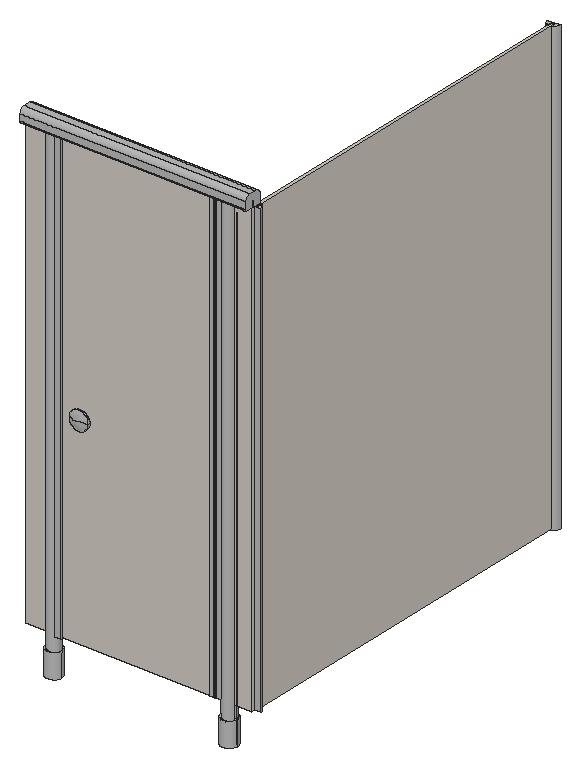
Revit family "NBS_ConceptCubicleSystems_PnlCbclSym_OlympusFullyFramed", category Specialty Equipment, Revit 2019
Family settings
  Round Connector Dimension = Use Diameter
  Part Type = Normal
  Work Plane-Based = No
  Always vertical = Yes
  Cut with Voids When Loaded = No
  Shared = No
  Room Calculation Point = No
Parameters (values of type "MiddleCubicle")
  WarrantyStartDate [instance] = "1900-12-31T23:59:59"
  WarrantyGuarantorParts = "n/a"
  WarrantyGuarantorLabor = "n/a"
  WarrantyDurationUnit = "year"
  WarrantyDurationParts = "n/a"
  WarrantyDurationLabor = "n/a"
  WarrantyDescription = "n/a"
  Version = "3"  # constant formula
  Uniclass2015Version = "Systems v1.17"
  Uniclass2015Title = "Panel cubicle systems"
  Uniclass2015Code = "Ss_25_12_60_60"
  TagNumber [instance] = "n/a"
  SystemManufacturer = "Concept Cubicle Systems"
  SustainabilityPerformance = "n/a"
  Style = "Cubicle"
  Status = "UNSET"
  Size = "1500 x 2000 mm"
  ShowCubicleLocationLines [instance] = yes
  Shape = "n/a"
  SerialNumber [instance] = "n/a"
  RightOpenOut [instance] = and(OpenOut, ReversedDoorSwing)  # no
  RightOpenIn [instance] = and(OpenIn, ReversedDoorSwing)  # yes
  Revision = "n/a"
  ReverseDoorSwing [instance] = no
  ReplacementCost = "n/a"
  Reference = "n/a"
  RailOffsetRight = if(HasCornerRight, 25 mm, 0 mm)  # 0 mm
  RailOffsetLeft = if(HasCornerLeft, 25 mm, 0 mm)  # 0 mm
  ProductInformation = "https://www.conceptcubiclesystems.co.uk/leisure/cubicles/olympus-framed-cubicles"
  PilasterWidthLatchSide [instance] = CubicleWidth - ClearOpeningWidth - PilasterWidthHingeSide  # 150 mm
  PilasterToDoorRight [instance] = if(ReverseDoorSwing, 58 mm, 70.5 mm)  # 70.5 mm
  PilasterToDoorLeft [instance] = if(ReversedDoorSwing, 58 mm, 70.5 mm)  # 58 mm
  PilasterRightWidth [instance] = if(HasDoorCentrePosition, (CubicleWidth - ClearOpeningWidth) / 2, if(ReversedDoorSwing, PilasterWidthHingeSide, PilasterWidthLatchSide))  # 150 mm
  PilasterPanelReturnRight = if(HasCornerRight, 15 mm, if(HasFittingsRight, 3 mm, 0 mm))  # 0 mm
  PilasterPanelReturnLeft = if(HasCornerLeft, 15 mm, if(HasFittingsLeft, 3 mm, 0 mm))  # 0 mm
  PilasterMaterial = NBS_ConceptCubicleSystems_B116_BeigeNature-Beige
  PilasterLeftWidth [instance] = if(HasDoorCentrePosition, (CubicleWidth - ClearOpeningWidth) / 2, if(ReverseDoorSwing, PilasterWidthHingeSide, PilasterWidthLatchSide))  # 150 mm
  PartitionToPilasterRight = if(HasCornerRight, 15 mm, PanelThickness / 2 + 3 mm)  # 9.25 mm
  PartitionToPilasterLeft = if(HasCornerLeft, 15 mm, PanelThickness / 2 + 3 mm)  # 9.25 mm
  PartitionToPilasterFittingRight = or(IsWallEndFirstCubicle, IsFirstCubicle, IsMiddleCubicle)  # yes
  PartitionMaterial = NBS_ConceptCubicleSystems_B116_BeigeNature-Beige
  PartitionUndercut [instance] = 150 mm
  Panels = "12 mm compact grade laminate"
  PanelThickness = 12.5 mm  # constant formula
  PilasterUndercut [instance] = 150 mm
  PanelSupports = "150 mm"
  OpenOut [instance] = not(OpenIn)  # no
  OpenIn [instance] = yes
  NominalWidth [instance] = CubicleWidth  # 900 mm
  NominalLength [instance] = CubicleWidth  # 900 mm
  NominalHeight [instance] = CubicleHeight  # 2000 mm
  NominalDepth [instance] = CubicleDepth  # 1500 mm
  Name = "PanelCubicleSystem_OlympusFullyFramed_MiddleCubicle_ConceptCubicleSystems"
  NBSReference = "25-05-60/160"
  NBSDescription = "Panel cubicle system"
  NBSCertification = "www.nationalbimlibrary.com/cert/4hurcstt"
  ModelReference = "Olympus Fully Framed Cubicles"
  ModelNumber = "n/a"
  Material = "Compact Grade Laminate"
  ManufacturerURL = "www.conceptcubiclesystems.co.uk"
  ManufacturerName = "Concept Cubicle Systems"  # constant formula
  Manufacturer = "sales@conceptcubiclesystems.co.uk"
  MainColor = "n/a"
  LeftOpenOut [instance] = and(OpenOut, ReverseDoorSwing)  # no
  LeftOpenIn [instance] = and(OpenIn, ReverseDoorSwing)  # no
  ReversedDoorSwing [instance] = not(ReverseDoorSwing)  # yes
  IsWallEndSingleCubicle = no
  IsWallEndFirstCubicle = no
  IsWallEndEndCubicle = no
  IsSingleCubicle = no
  IsWallToWallSingleCubicle = no
  PilasterWidthHingeSide [instance] = 150 mm
  IsMiddleCubicle = yes
  IsFirstCubicle = no
  IsEndCubicle = no
  IsBuiltIn = yes
  InstallationDate [instance] = "1900-12-31T23:59:59"
  IfcExportType = "USERDEFINED"  # constant formula
  IfcExportAs = "IfcFurnitureType"  # constant formula
  HasPartitionRight = not(or(IsWallToWallSingleCubicle, IsWallEndEndCubicle))  # yes
  HasPartitionLeft = or(IsSingleCubicle, IsFirstCubicle)  # no
  HasFittingsRight = or(IsWallToWallSingleCubicle, IsWallEndEndCubicle)  # no
  HasFittingsLeft = or(IsWallToWallSingleCubicle, IsWallEndSingleCubicle, IsWallEndFirstCubicle)  # no
  HasDoorCentrePosition [instance] = yes
  HasCornerRight = or(IsSingleCubicle, IsWallEndSingleCubicle, IsEndCubicle)  # no
  HasCornerLeft = or(IsSingleCubicle, IsFirstCubicle)  # no
  Grade = "n/a"
  FrameMaterial = NBS_ConceptCubicleSystems_PowderCoatedAluminium
  Fittings = "Powder coated aluminium fully framed"
  Finish = "Powder coated"
  Features = "Black core with a radiused edge, fully framed ironmongery with security fixings, pivoting foot to accomidate for falls in floors, anti-trap hinges"
  ExpectedLife = "n/a"
  DurationUnit = "year"
  DoorSwingCalc [instance] = if(OpenOut, ClearOpeningWidth + 19 mm, 0 mm)  # 0 mm
  DoorSwing [instance] = if(OpenIn, ClearOpeningWidth + 19 mm, 0 mm)  # 619 mm
  DoorLeafMaterial = NBS_ConceptCubicleSystems_B116_BeigeNature-Beige
  DoorLeafUndercut [instance] = 150 mm
  Description = "Fully framed olympus cubicles"
  CubicleWidth [instance] = 900 mm
  CubicleHeight [instance] = 2000 mm
  CubicleDepth [instance] = 1500 mm
  Constituents = "n/a"
  Color = "n/a"
  CodePerformance = "n/a"
  ClearOpeningWidth [instance] = 600 mm
  ClearOpeningHeight [instance] = CubicleHeight - 53 mm  # 1947 mm
  Category = "Ss_25_12_60_60:Panel cubicle systems"
  BarCode [instance] = "n/a"
  BIMObjectName = "NBS_ConceptCubicleSystems_PanelCubicleSystem_OlympusFullyFramed_MiddleCubicle"
  Author = "NBS"  # constant formula
  AssetType = "Fixed"
  AssetIdentifier [instance] = "n/a"
  Application = "Designed for use in demanding wet changing environments"
  AccessibilityPerformance = "n/a"
Types (9, lengths in mm): name | ShowCubicleLocationLines | RailOffsetRight | RailOffsetLeft | PilasterPanelReturnRight | PilasterPanelReturnLeft | PartitionToPilasterRight | PartitionToPilasterLeft | PartitionToPilasterFittingRight | Name | IsWallEndSingleCubicle | IsWallEndFirstCubicle | IsWallEndEndCubicle | IsSingleCubicle | IsWallToWallSingleCubicle | IsMiddleCubicle | IsFirstCubicle | IsEndCubicle | HasPartitionRight | HasPartitionLeft | HasFittingsRight | HasFittingsLeft | HasCornerRight | HasCornerLeft | BIMObjectName
  (no name) | no | 25 | 25 | 15 | 15 | 15 | 15 | no | "PanelCubicleSystem_OlympusFullyFramed_SingleCubicle_ConceptCubicleSystems" | no | no | no | yes | no | no | no | no | yes | yes | no | no | yes | yes | "NBS_ConceptCubicleSystems_PanelCubicleSystem_OlympusFullyFramed_SingleCubicle"
  SingleCubicle | no | 25 | 25 | 15 | 15 | 15 | 15 | no | "PanelCubicleSystem_OlympusFullyFramed_SingleCubicle_ConceptCubicleSystems" | no | no | no | yes | no | no | no | no | yes | yes | no | no | yes | yes | "NBS_ConceptCubicleSystems_PanelCubicleSystem_OlympusFullyFramed_SingleCubicle"
  WallToWallSingleCubicle | yes | 0 | 0 | 3 | 3 | 9.25 | 9.25 | no | "PanelCubicleSystem_OlympusFullyFramed_WallToWallSingleCubicle_ConceptCubicleSystems" | no | no | no | no | yes | no | no | no | no | no | yes | yes | no | no | "NBS_ConceptCubicleSystems_PanelCubicleSystem_OlympusFullyFramed_WallToWallSingleCubicle"
  EndCubicle | yes | 25 | 0 | 15 | 0 | 15 | 9.25 | no | "PanelCubicleSystem_OlympusFullyFramed_EndCubicle_ConceptCubicleSystems" | no | no | no | no | no | no | no | yes | yes | no | no | no | yes | no | "NBS_ConceptCubicleSystems_PanelCubicleSystem_OlympusFullyFramed_EndCubicle"
  FirstCubicle | yes | 0 | 25 | 0 | 15 | 9.25 | 15 | yes | "PanelCubicleSystem_OlympusFullyFramed_FirstCubicle_ConceptCubicleSystems" | no | no | no | no | no | no | yes | no | yes | yes | no | no | no | yes | "NBS_ConceptCubicleSystems_PanelCubicleSystem_OlympusFullyFramed_FirstCubicle"
  WallEndFirstCubicle | yes | 0 | 0 | 0 | 3 | 9.25 | 9.25 | yes | "PanelCubicleSystem_OlympusFullyFramed_WallEndFirstCubicle_ConceptCubicleSystems" | no | yes | no | no | no | no | no | no | yes | no | no | yes | no | no | "NBS_ConceptCubicleSystems_PanelCubicleSystem_OlympusFullyFramed_WallEndFirstCubicle"
  WallEndSingleCubicle | yes | 25 | 0 | 15 | 3 | 15 | 9.25 | no | "PanelCubicleSystem_OlympusFullyFramed_WallEndSingleCubicle_ConceptCubicleSystems" | yes | no | no | no | no | no | no | no | yes | no | no | yes | yes | no | "NBS_ConceptCubicleSystems_PanelCubicleSystem_OlympusFullyFramed_WallEndSingleCubicle"
  MiddleCubicle | yes | 0 | 0 | 0 | 0 | 9.25 | 9.25 | yes | "PanelCubicleSystem_OlympusFullyFramed_MiddleCubicle_ConceptCubicleSystems" | no | no | no | no | no | yes | no | no | yes | no | no | no | no | no | "NBS_ConceptCubicleSystems_PanelCubicleSystem_OlympusFullyFramed_MiddleCubicle"
  WallEndEndCubicle | yes | 0 | 0 | 3 | 0 | 9.25 | 9.25 | no | "PanelCubicleSystem_OlympusFullyFramed_WallEndEndCubicle_ConceptCubicleSystems" | no | no | yes | no | no | no | no | no | no | no | yes | no | no | no | "NBS_ConceptCubicleSystems_PanelCubicleSystem_OlympusFullyFramed_WallEndEndCubicle"
Reference planes
  plane 1 "Back": y = 0
  plane 2: z = 0
  plane 3 "Center (Left/Right)": x = 0
  plane 4 "PilasterFront": y = -1506.25
  plane 5 "PilasterBack": y = -1493.75
  plane 6 "CubicleLeft": x = -450
  plane 7 "CubicleRight": x = 450
  plane 8 "LeftPartitionExternal": x = -456.25
  plane 9 "LeftPartitionInternal": x = -443.75
  plane 10 "RightPartitionExternal": x = 456.25
  plane 11 "RightPartitionInternal": x = 443.75
  plane 12 "ClearOpeningLeft": x = -300
  plane 13 "ClearOpeningRight": x = 300
  plane 14 "PilasterLeft": x = -450
  plane 15 "PilasterRight": x = 450
  plane 16 "DoorSwing": y = -881
  plane 17 "DoorSwingCalc": y = -1500
  plane 18 "PilasterCentre": y = -1500
  plane 19 "PartitionTop": z = 1947
  plane 20 "PartitionElevation": z = 150
  plane 21 "Left": x = -450
  plane 22 "Right": x = 450
  plane 23 "PilasterElevation": z = 150
  plane 24: x = -358
  plane 25: x = 370.5
  plane 26 "Top": z = 2000
  plane 27 "PilasterTop": z = 1972
Forms (mm)
  Extrusion 1, solid, material "NBS_ConceptCubicleSystems_B116_BeigeNature-Beige" <- "PartitionMaterial", visible <- "HasPartitionLeft", detail levels medium+fine
    sketch origin (0, 0, 0) x (1, 0, 0) y (0, 1, 0)
      loop
        line (-456.25, -3) -> (-456.25, -1490.75) -> (-443.75, -1490.75) -> (-443.75, -3) -> (-456.25, -3)
    from 150 to 1947
  Extrusion 2, solid, material "NBS_ConceptCubicleSystems_B116_BeigeNature-Beige" <- "PartitionMaterial", visible <- "HasPartitionRight", detail levels medium+fine
    sketch origin (0, 0, 0) x (1, 0, 0) y (0, 1, 0)
      loop
        line (443.75, -3) -> (443.75, -1490.75) -> (456.25, -1490.75) -> (456.25, -3) -> (443.75, -3)
    from 150 to 1947
  Extrusion 3, solid, material "NBS_ConceptCubicleSystems_B116_BeigeNature-Beige" <- "PilasterMaterial", detail levels medium+fine
    sketch origin (0, 0, 0) x (1, 0, 0) y (0, 1, 0)
      loop
        line (-450, -1493.75) -> (-450, -1506.25) -> (-358, -1506.25) -> (-358, -1493.75) -> (-450, -1493.75)
    from 150 to 1972
  Extrusion 4, solid, material "NBS_ConceptCubicleSystems_B116_BeigeNature-Beige" <- "PilasterMaterial", detail levels medium+fine
    sketch origin (0, 0, 0) x (1, 0, 0) y (0, 1, 0)
      loop
        line (370.5, -1493.75) -> (370.5, -1506.25) -> (450, -1506.25) -> (450, -1493.75) -> (370.5, -1493.75)
    from 150 to 1972
  Extrusion 5, solid, material "NBS_ConceptCubicleSystems_B116_BeigeNature-Beige" <- "PartitionMaterial", visible <- "HasPartitionLeft", detail levels coarse
    sketch origin (0, 0, 0) x (1, 0, 0) y (0, 1, 0)
      loop
        line (-456.25, 0) -> (-456.25, -1493.75) -> (-443.75, -1493.75) -> (-443.75, 0) -> (-456.25, 0)
    from 150 to 1947
  Extrusion 6, solid, material "NBS_ConceptCubicleSystems_B116_BeigeNature-Beige" <- "PartitionMaterial", visible <- "HasPartitionRight", detail levels coarse
    sketch origin (0, 0, 0) x (1, 0, 0) y (0, 1, 0)
      loop
        line (443.75, 0) -> (443.75, -1493.75) -> (456.25, -1493.75) -> (456.25, 0) -> (443.75, 0)
    from 150 to 1947
  Extrusion 7, solid, material "NBS_ConceptCubicleSystems_B116_BeigeNature-Beige" <- "PilasterMaterial", detail levels coarse
    sketch origin (0, 0, 0) x (1, 0, 0) y (0, 1, 0)
      loop
        line (-450, -1493.75) -> (-450, -1506.25) -> (-358, -1506.25) -> (-358, -1493.75) -> (-450, -1493.75)
    from 150 to 1947
  Extrusion 8, solid, material "NBS_ConceptCubicleSystems_B116_BeigeNature-Beige" <- "PilasterMaterial", detail levels coarse
    sketch origin (0, 0, 0) x (1, 0, 0) y (0, 1, 0)
      loop
        line (370.5, -1493.75) -> (370.5, -1506.25) -> (450, -1506.25) -> (450, -1493.75) -> (370.5, -1493.75)
    from 150 to 1947
  Sweep 9, solid, material "NBS_ConceptCubicleSystems_PowderCoatedAluminium" <- "FrameMaterial", detail levels medium+fine
    path origin (0, 0, 1947) x (0, 1, 0) y (-1, 0, 0)
      loop
        line (-1500, 450) -> (-1500, -450)
    profile origin (0, -1500, 1947) x (0, 1, 0) y (0, 0, 1)
      loop
        line (6.25, 0) -> (29.5, 0)
        arc (29.5, 0) -> (33.036, 1.464) -> (34.5, 5) r 5
        line (34.5, 5) -> (34.5, 33)
        arc (34.5, 33) -> (28.642, 47.142) -> (14.5, 53) r 20
        line (14.5, 53) -> (-14.5, 53)
        arc (-14.5, 53) -> (-28.642, 47.142) -> (-34.5, 33) r 20
        line (-34.5, 33) -> (-34.5, 5)
        arc (-34.5, 5) -> (-33.036, 1.464) -> (-29.5, 0) r 5
        line (-29.5, 0) -> (-6.25, 0) -> (-6.25, 25) -> (6.25, 25) -> (6.25, 0)
  Sweep 10, solid, material "NBS_ConceptCubicleSystems_PowderCoatedAluminium" <- "FrameMaterial", detail levels coarse
    path origin (0, 0, 1947) x (0, 1, 0) y (-1, 0, 0)
      loop
        line (-1500, 450) -> (-1500, -450)
    profile origin (0, -1500, 1947) x (0, 1, 0) y (0, 0, 1)
      loop
        line (34.5, 53) -> (-34.5, 53) -> (-34.5, 0) -> (34.5, 0) -> (34.5, 53)
  Extrusion 11, solid, material "NBS_ConceptCubicleSystems_PowderCoatedAluminium" <- "FrameMaterial", visible <- "HasCornerLeft", detail levels medium+fine
    sketch origin (0, 0, 0) x (1, 0, 0) y (0, 1, 0)
      loop
        arc (-440.794, -1493.75) -> (-442.132, -1492.132) -> (-443.75, -1490.794) r 11.127
        line (-443.75, -1490.794) -> (-443.75, -1485) -> (-456.25, -1485) -> (-456.25, -1490.794)
        arc (-456.25, -1490.794) -> (-457.868, -1507.868) -> (-440.794, -1506.25) r 11.127
        line (-440.794, -1506.25) -> (-435, -1506.25) -> (-435, -1493.75) -> (-440.794, -1493.75)
    from 0 to 1947
  Extrusion 12, solid, material "NBS_ConceptCubicleSystems_PowderCoatedAluminium" <- "FrameMaterial", visible <- "HasCornerRight", detail levels medium+fine
    sketch origin (0, 0, 0) x (1, 0, 0) y (0, 1, 0)
      loop
        arc (443.75, -1475.794) -> (432.322, -1482.322) -> (425.794, -1493.75) r 25
        line (425.794, -1493.75) -> (435, -1493.75) -> (435, -1506.25) -> (425.794, -1506.25)
        arc (425.794, -1506.25) -> (467.678, -1517.678) -> (456.25, -1475.794) r 25
        line (456.25, -1475.794) -> (456.25, -1485) -> (443.75, -1485) -> (443.75, -1475.794)
    from 0 to 1947
  Extrusion 13, solid, material "NBS_ConceptCubicleSystems_PowderCoatedAluminium" <- "FrameMaterial", visible <- "HasCornerLeft", detail levels medium+fine
    sketch origin (0, 0, 0) x (1, 0, 0) y (0, 1, 0)
      loop
        circle (-450, -1500) r 32
    from 0 to 95
  Extrusion 14, solid, material "NBS_ConceptCubicleSystems_PowderCoatedAluminium" <- "FrameMaterial", visible <- "HasCornerRight", detail levels medium+fine
    sketch origin (0, 0, 0) x (1, 0, 0) y (0, 1, 0)
      loop
        circle (450, -1500) r 32
    from 0 to 95
  Extrusion 15, solid, material "NBS_ConceptCubicleSystems_PowderCoatedAluminium" <- "FrameMaterial", visible <- "HasCornerLeft", detail levels coarse
    sketch origin (0, 0, 0) x (1, 0, 0) y (0, 1, 0)
      loop
        circle (-450, -1500) r 25
    from 0 to 1947
  Extrusion 16, solid, material "NBS_ConceptCubicleSystems_PowderCoatedAluminium" <- "FrameMaterial", visible <- "HasCornerRight", detail levels coarse
    sketch origin (0, 0, 0) x (1, 0, 0) y (0, 1, 0)
      loop
        circle (450, -1500) r 25
    from 0 to 1947
  Extrusion 17, solid, material "NBS_ConceptCubicleSystems_PowderCoatedAluminium" <- "FrameMaterial", visible <- "HasFittingsRight", detail levels medium+fine
    sketch origin (0, 0, 150) x (0, 1, 0) y (-1, 0, 0)
      loop
        arc (-1475, -450) -> (-1480.236, -434.691) -> (-1493.75, -425.794) r 25
        line (-1493.75, -425.794) -> (-1493.75, -447) -> (-1506.25, -447) -> (-1506.25, -425.794)
        arc (-1506.25, -425.794) -> (-1519.764, -434.691) -> (-1525, -450) r 25
        line (-1525, -450) -> (-1475, -450)
    from 0 to 1797
  Extrusion 18, solid, material "NBS_ConceptCubicleSystems_PowderCoatedAluminium" <- "FrameMaterial", visible <- "HasFittingsRight", detail levels coarse
    sketch origin (0, 0, 150) x (0, 1, 0) y (-1, 0, 0)
      loop
        arc (-1475, -450) -> (-1500, -425) -> (-1525, -450) r 25
        line (-1525, -450) -> (-1475, -450)
    from 0 to 1797
  Extrusion 19, solid, material "NBS_ConceptCubicleSystems_PowderCoatedAluminium" <- "FrameMaterial", visible <- "HasFittingsLeft", detail levels medium+fine
    sketch origin (0, 0, 150) x (0, 1, 0) y (-1, 0, 0)
      loop
        arc (-1525, 450) -> (-1519.764, 434.691) -> (-1506.25, 425.794) r 25
        line (-1506.25, 425.794) -> (-1506.25, 447) -> (-1493.75, 447) -> (-1493.75, 425.794)
        arc (-1493.75, 425.794) -> (-1480.236, 434.691) -> (-1475, 450) r 25
        line (-1475, 450) -> (-1525, 450)
    from 0 to 1797
  Extrusion 20, solid, material "NBS_ConceptCubicleSystems_PowderCoatedAluminium" <- "FrameMaterial", visible <- "HasFittingsLeft", detail levels coarse
    sketch origin (0, 0, 150) x (0, 1, 0) y (-1, 0, 0)
      loop
        arc (-1525, 450) -> (-1500, 425) -> (-1475, 450) r 25
        line (-1475, 450) -> (-1525, 450)
    from 0 to 1797
  Extrusion 21, solid, material "NBS_ConceptCubicleSystems_PowderCoatedAluminium" <- "FrameMaterial", visible <- "HasPartitionLeft", detail levels medium+fine
    sketch origin (0, 0, 150) x (0, 1, 0) y (-1, 0, 0)
      loop
        arc (0, 475) -> (-15.309, 469.764) -> (-24.206, 456.25) r 25
        line (-24.206, 456.25) -> (-3, 456.25) -> (-3, 443.75) -> (-24.206, 443.75)
        arc (-24.206, 443.75) -> (-15.309, 430.236) -> (0, 425) r 25
        line (0, 425) -> (0, 475)
    from 0 to 1797
  Extrusion 22, solid, material "NBS_ConceptCubicleSystems_PowderCoatedAluminium" <- "FrameMaterial", visible <- "HasPartitionRight", detail levels medium+fine
    sketch origin (0, 0, 150) x (0, 1, 0) y (-1, 0, 0)
      loop
        arc (0, -425) -> (-15.309, -430.236) -> (-24.206, -443.75) r 25
        line (-24.206, -443.75) -> (-3, -443.75) -> (-3, -456.25) -> (-24.206, -456.25)
        arc (-24.206, -456.25) -> (-15.309, -469.764) -> (0, -475) r 25
        line (0, -475) -> (0, -425)
    from 0 to 1797
  Extrusion 23, solid, material "NBS_ConceptCubicleSystems_PowderCoatedAluminium" <- "FrameMaterial", visible <- "HasPartitionRight", detail levels coarse
    sketch origin (0, 0, 150) x (0, 1, 0) y (-1, 0, 0)
      loop
        arc (0, -425) -> (-25, -450) -> (0, -475) r 25
        line (0, -475) -> (0, -425)
    from 0 to 1797
  Extrusion 24, solid, material "NBS_ConceptCubicleSystems_PowderCoatedAluminium" <- "FrameMaterial", visible <- "HasPartitionLeft", detail levels coarse
    sketch origin (0, 0, 150) x (0, 1, 0) y (-1, 0, 0)
      loop
        arc (0, 475) -> (-25, 450) -> (0, 425) r 25
        line (0, 425) -> (0, 475)
    from 0 to 1797
  Extrusion 25, solid, material "NBS_ConceptCubicleSystems_PowderCoatedAluminium" <- "FrameMaterial", visible <- "PartitionToPilasterFittingRight", detail levels medium+fine
    sketch origin (0, 0, 150) x (0, 1, 0) y (-1, 0, 0)
      loop
        arc (-1493.75, -475) -> (-1478.441, -469.764) -> (-1469.544, -456.25) r 25
        line (-1469.544, -456.25) -> (-1490.75, -456.25) -> (-1490.75, -443.75) -> (-1469.544, -443.75)
        arc (-1469.544, -443.75) -> (-1478.441, -430.236) -> (-1493.75, -425) r 25
        line (-1493.75, -425) -> (-1493.75, -475)
    from 0 to 1797
Lines and regions (mm)
  symbolic lines, visible <- "HasPartitionLeft", detail levels coarse
    curve 1: line (-450, 0, 0) -> (-450, -1500, 0)
  symbolic lines, detail levels coarse
    curve 2: line (-300, -1500, 0) -> (-450, -1500, 0)
    curve 3: line (300, -1500, 0) -> (450, -1500, 0)
  symbolic lines, visible <- "HasPartitionRight", detail levels coarse
    curve 4: line (450, -1500, 0) -> (450, 0, 0)
  symbolic lines, style "SpecialityEquipmentHiddenLines", visible <- "ShowCubicleLocationLines"
    curve 5: line (450, -1500, 0) -> (450, 0, 0)
    curve 6: line (-450, 0, 0) -> (-450, -1500, 0)
Dimensions and locks
  "PanelThickness": plane 5 "PilasterBack" to plane 4 "PilasterFront"
  equal spacing: plane 6 "CubicleLeft", plane 3 "Center (Left/Right)", plane 7 "CubicleRight"
  "CubicleWidth": plane 6 "CubicleLeft" to plane 7 "CubicleRight"
  equal spacing: plane 8 "LeftPartitionExternal", plane 6 "CubicleLeft", plane 9 "LeftPartitionInternal"
  "PanelThickness": plane 8 "LeftPartitionExternal" to plane 9 "LeftPartitionInternal"
  equal spacing: plane 11 "RightPartitionInternal", plane 7 "CubicleRight", plane 10 "RightPartitionExternal"
  "PanelThickness": plane 11 "RightPartitionInternal" to plane 10 "RightPartitionExternal"
  "DoorSwing": plane 16 "DoorSwing" to plane 17 "DoorSwingCalc"
  equal spacing: plane 5 "PilasterBack", plane 18 "PilasterCentre", plane 4 "PilasterFront"
  "DoorSwingCalc": plane 18 "PilasterCentre" to plane 17 "DoorSwingCalc"
  "PartitionUndercut": plane 20 "PartitionElevation" to level
  "PilasterRightWidth": plane 13 "ClearOpeningRight" to plane 7 "CubicleRight"
  "PilasterLeftWidth": plane 6 "CubicleLeft" to plane 12 "ClearOpeningLeft"
  "PilasterUndercut": plane 23 "PilasterElevation" to level
  "CubicleDepth": plane 1 "Back" to plane 18 "PilasterCentre"
  "PilasterToDoorLeft": plane 24 to plane 12 "ClearOpeningLeft"
  "PilasterToDoorRight": plane 13 "ClearOpeningRight" to plane 25
  "CubicleHeight": plane 26 "Top" to level
  locked: plane 26 "Top" to plane 19 "PartitionTop" at 53
  locked: plane 27 "PilasterTop" to plane 19 "PartitionTop" at 25
  "PilasterPanelReturnLeft": plane 6 "CubicleLeft" to plane 14 "PilasterLeft"
  "PilasterPanelReturnRight": plane 15 "PilasterRight" to plane 7 "CubicleRight"
  "PartitionToPilasterLeft": Extrusion 1 sketch curve to plane 18 "PilasterCentre"
  "PartitionToPilasterRight": Extrusion 2 sketch curve to plane 18 "PilasterCentre"
  locked: plane 6 "CubicleLeft" to Extrusion 11 sketch curve at 15
  locked: Extrusion 11 sketch curve to plane 18 "PilasterCentre" at 15
  locked: Extrusion 12 sketch curve to plane 7 "CubicleRight" at 15
  locked: Extrusion 12 sketch curve to plane 18 "PilasterCentre" at 15
  locked: plane 18 "PilasterCentre" to Extrusion 12 sketch curve at 25
  locked: Extrusion 12 sketch curve to plane 18 "PilasterCentre" at 24.206
  locked: Extrusion 17 sketch curve to plane 7 "CubicleRight" at 3
  locked: Extrusion 17 sketch curve to plane 7 "CubicleRight" at 24.206  (x2)
  locked: Extrusion 18 sketch curve to plane 7 "CubicleRight" at 25
  plane 6 "CubicleLeft" to Extrusion 20 sketch curve = 25 mm
  locked: Extrusion 21 sketch curve to plane 1 "Back" at 3
  locked: Extrusion 21 sketch curve to plane 6 "CubicleLeft" at 25
  locked: plane 6 "CubicleLeft" to Extrusion 21 sketch curve at 25
  locked: Extrusion 1 sketch curve to plane 1 "Back" at 3
  locked: Extrusion 22 sketch curve to plane 7 "CubicleRight" at 25
  locked: plane 7 "CubicleRight" to Extrusion 22 sketch curve at 25
  locked: Extrusion 22 sketch curve to plane 1 "Back" at 3
  locked: Extrusion 2 sketch curve to plane 1 "Back" at 3
  locked: Extrusion 23 sketch curve to plane 1 "Back" at 25
  locked: Extrusion 24 sketch curve to plane 1 "Back" at 25
  locked: Extrusion 25 sketch curve to plane 5 "PilasterBack" at 24.206  (x2)
  locked: Extrusion 25 sketch curve to plane 5 "PilasterBack" at 3
  "RailOffsetLeft": Sweep 10 sketch curve to plane 6 "CubicleLeft"
  "RailOffsetRight": plane 7 "CubicleRight" to Sweep 10 sketch curve
  "RailOffsetLeft": Sweep 9 sketch curve to plane 6 "CubicleLeft"
  "RailOffsetRight": plane 7 "CubicleRight" to Sweep 9 sketch curve
  locked: plane 6 "CubicleLeft" to Extrusion 19 sketch curve at 3
  locked: plane 6 "CubicleLeft" to Extrusion 19 sketch curve at 24.206  (x2)
  aligned and locked: level to plane 2
  aligned and locked: Extrusion 1 sketch curve to plane 8 "LeftPartitionExternal"
  aligned and locked: plane 9 "LeftPartitionInternal" to Extrusion 1 sketch curve
  aligned and locked: Extrusion 2 sketch curve to plane 11 "RightPartitionInternal"
  aligned and locked: plane 10 "RightPartitionExternal" to Extrusion 2 sketch curve
  aligned and locked: Extrusion 3 sketch curve to plane 14 "PilasterLeft"
  aligned and locked: Extrusion 3 sketch curve to plane 4 "PilasterFront"
  aligned and locked: Extrusion 3 sketch curve to plane 5 "PilasterBack"
  aligned and locked: plane 15 "PilasterRight" to Extrusion 4 sketch curve
  aligned and locked: Extrusion 4 sketch curve to plane 5 "PilasterBack"
  aligned and locked: Extrusion 4 sketch curve to plane 4 "PilasterFront"
  aligned and locked: nested 1 to plane 13 "ClearOpeningRight"
  aligned and locked: nested 2 to plane 12 "ClearOpeningLeft"
  aligned and locked: nested 4 to plane 12 "ClearOpeningLeft"
  aligned and locked: nested 3 to plane 13 "ClearOpeningRight"
  aligned and locked: plane 19 "PartitionTop" to Extrusion 1
  aligned and locked: plane 19 "PartitionTop" to Extrusion 2
  aligned and locked: Extrusion 5 sketch curve to plane 8 "LeftPartitionExternal"
  aligned and locked: plane 9 "LeftPartitionInternal" to Extrusion 5 sketch curve
  aligned and locked: Extrusion 5 sketch curve to plane 1 "Back"
  aligned and locked: Extrusion 5 sketch curve to plane 5 "PilasterBack"
  aligned and locked: Extrusion 6 sketch curve to plane 11 "RightPartitionInternal"
  aligned and locked: plane 10 "RightPartitionExternal" to Extrusion 6 sketch curve
  aligned and locked: Extrusion 6 sketch curve to plane 1 "Back"
  aligned and locked: Extrusion 6 sketch curve to plane 5 "PilasterBack"
  aligned and locked: Extrusion 7 sketch curve to plane 5 "PilasterBack"
  aligned and locked: Extrusion 7 sketch curve to plane 4 "PilasterFront"
  aligned and locked: Extrusion 7 sketch curve to plane 14 "PilasterLeft"
  aligned and locked: plane 15 "PilasterRight" to Extrusion 8 sketch curve
  aligned and locked: Extrusion 8 sketch curve to plane 5 "PilasterBack"
  aligned and locked: Extrusion 8 sketch curve to plane 4 "PilasterFront"
  aligned and locked: plane 19 "PartitionTop" to Extrusion 5
  aligned and locked: plane 19 "PartitionTop" to Extrusion 6
  aligned and locked: plane 19 "PartitionTop" to Extrusion 7
  aligned and locked: plane 19 "PartitionTop" to Extrusion 8
  aligned and locked: plane 1 "Back" to curve 4
  aligned and locked: plane 13 "ClearOpeningRight" to curve 3
  aligned and locked: plane 12 "ClearOpeningLeft" to curve 2
  aligned and locked: curve 1 to plane 6 "CubicleLeft"
  aligned and locked: plane 21 "Left" to plane 6 "CubicleLeft"
  aligned and locked: plane 22 "Right" to plane 7 "CubicleRight"
  aligned and locked: curve 5 to plane 7 "CubicleRight"
  aligned and locked: plane 1 "Back" to curve 5
  aligned and locked: curve 6 to plane 6 "CubicleLeft"
  aligned and locked: plane 1 "Back" to curve 6
  aligned and locked: plane 6 "CubicleLeft" to curve 2
  aligned and locked: Extrusion 2 to plane 20 "PartitionElevation"
  aligned and locked: Extrusion 1 to plane 20 "PartitionElevation"
  aligned and locked: Extrusion 5 to plane 20 "PartitionElevation"
  aligned and locked: Extrusion 6 to plane 20 "PartitionElevation"
  aligned and locked: Extrusion 8 to plane 23 "PilasterElevation"
  aligned and locked: Extrusion 4 to plane 23 "PilasterElevation"
  aligned and locked: Extrusion 7 to plane 23 "PilasterElevation"
  aligned and locked: Extrusion 3 to plane 23 "PilasterElevation"
  aligned and locked: plane 18 "PilasterCentre" to curve 2
  aligned and locked: curve 3 to plane 18 "PilasterCentre"
  aligned and locked: nested 1 to plane 18 "PilasterCentre"
  aligned and locked: plane 18 "PilasterCentre" to nested 2
  aligned and locked: nested 3 to plane 18 "PilasterCentre"
  aligned and locked: plane 18 "PilasterCentre" to nested 4
  aligned and locked: Extrusion 7 sketch curve to plane 24
  aligned and locked: Extrusion 3 sketch curve to plane 24
  aligned and locked: Extrusion 8 sketch curve to plane 25
  aligned and locked: Extrusion 4 sketch curve to plane 25
  aligned and locked: Sweep 9 sketch curve to plane 18 "PilasterCentre"
  aligned and locked: plane 5 "PilasterBack" to Sweep 9 sketch curve
  aligned and locked: plane 4 "PilasterFront" to Sweep 9 sketch curve
  aligned and locked: plane 19 "PartitionTop" to Sweep 9 sketch curve  (x2)
  aligned and locked: plane 27 "PilasterTop" to Extrusion 3
  aligned and locked: plane 27 "PilasterTop" to Extrusion 4
  aligned and locked: Sweep 10 sketch curve to plane 18 "PilasterCentre"
  aligned and locked: plane 26 "Top" to Sweep 10 sketch curve
  aligned and locked: plane 19 "PartitionTop" to Sweep 10 sketch curve
  aligned and locked: plane 6 "CubicleLeft" to Extrusion 11 sketch curve  (x2)
  aligned and locked: plane 18 "PilasterCentre" to Extrusion 11 sketch curve  (x2)
  aligned and locked: Extrusion 11 sketch curve to plane 5 "PilasterBack"
  aligned and locked: Extrusion 11 sketch curve to plane 4 "PilasterFront"
  aligned and locked: plane 9 "LeftPartitionInternal" to Extrusion 11 sketch curve
  aligned and locked: Extrusion 11 sketch curve to plane 8 "LeftPartitionExternal"
  aligned and locked: plane 7 "CubicleRight" to Extrusion 12 sketch curve  (x2)
  aligned and locked: plane 18 "PilasterCentre" to Extrusion 12 sketch curve  (x2)
  aligned and locked: Extrusion 12 sketch curve to plane 5 "PilasterBack"
  aligned and locked: Extrusion 12 sketch curve to plane 4 "PilasterFront"
  aligned and locked: plane 11 "RightPartitionInternal" to Extrusion 12 sketch curve
  aligned and locked: Extrusion 12 sketch curve to plane 10 "RightPartitionExternal"
  aligned and locked: plane 19 "PartitionTop" to Extrusion 11
  aligned and locked: plane 19 "PartitionTop" to Extrusion 12
  aligned and locked: plane 6 "CubicleLeft" to Extrusion 13 sketch curve
  aligned and locked: plane 18 "PilasterCentre" to Extrusion 13 sketch curve
  aligned and locked: plane 18 "PilasterCentre" to Extrusion 14 sketch curve
  aligned and locked: plane 7 "CubicleRight" to Extrusion 14 sketch curve
  aligned and locked: plane 18 "PilasterCentre" to Extrusion 15 sketch curve
  aligned and locked: plane 6 "CubicleLeft" to Extrusion 15 sketch curve
  aligned and locked: plane 18 "PilasterCentre" to Extrusion 16 sketch curve
  aligned and locked: plane 7 "CubicleRight" to Extrusion 16 sketch curve
  aligned and locked: plane 19 "PartitionTop" to Extrusion 15
  aligned and locked: plane 19 "PartitionTop" to Extrusion 16
  aligned and locked: plane 7 "CubicleRight" to Extrusion 17 sketch curve
  aligned and locked: Extrusion 17 sketch curve to plane 5 "PilasterBack"
  aligned and locked: Extrusion 17 sketch curve to plane 4 "PilasterFront"
  aligned and locked: plane 19 "PartitionTop" to Extrusion 17
  aligned and locked: plane 7 "CubicleRight" to Extrusion 18 sketch curve
  aligned and locked: plane 18 "PilasterCentre" to Extrusion 18 sketch curve
  aligned and locked: plane 19 "PartitionTop" to Extrusion 18
  aligned and locked: plane 5 "PilasterBack" to Extrusion 19 sketch curve
  aligned and locked: plane 4 "PilasterFront" to Extrusion 19 sketch curve
  aligned and locked: plane 6 "CubicleLeft" to Extrusion 19 sketch curve
  aligned and locked: plane 18 "PilasterCentre" to Extrusion 20 sketch curve
  aligned and locked: plane 6 "CubicleLeft" to Extrusion 20 sketch curve
  aligned and locked: Extrusion 20 sketch curve to plane 6 "CubicleLeft"
  aligned and locked: plane 19 "PartitionTop" to Extrusion 20
  aligned and locked: plane 19 "PartitionTop" to Extrusion 19
  aligned and locked: plane 8 "LeftPartitionExternal" to Extrusion 21 sketch curve
  aligned and locked: Extrusion 21 sketch curve to plane 9 "LeftPartitionInternal"
  aligned and locked: plane 1 "Back" to Extrusion 21 sketch curve
  aligned and locked: plane 11 "RightPartitionInternal" to Extrusion 22 sketch curve
  aligned and locked: Extrusion 22 sketch curve to plane 10 "RightPartitionExternal"
  aligned and locked: plane 1 "Back" to Extrusion 22 sketch curve
  aligned and locked: plane 19 "PartitionTop" to Extrusion 21
  aligned and locked: plane 19 "PartitionTop" to Extrusion 22
  aligned and locked: plane 1 "Back" to Extrusion 23 sketch curve
  aligned and locked: plane 7 "CubicleRight" to Extrusion 23 sketch curve
  aligned and locked: Extrusion 23 sketch curve to plane 1 "Back"
  aligned and locked: plane 1 "Back" to Extrusion 24 sketch curve
  aligned and locked: plane 6 "CubicleLeft" to Extrusion 24 sketch curve
  aligned and locked: Extrusion 24 sketch curve to plane 1 "Back"
  aligned and locked: plane 19 "PartitionTop" to Extrusion 24
  aligned and locked: plane 19 "PartitionTop" to Extrusion 23
  aligned and locked: plane 5 "PilasterBack" to Extrusion 25 sketch curve
  aligned and locked: Extrusion 25 sketch curve to plane 11 "RightPartitionInternal"
  aligned and locked: plane 10 "RightPartitionExternal" to Extrusion 25 sketch curve
  aligned and locked: plane 19 "PartitionTop" to Extrusion 25
  aligned and locked: plane 18 "PilasterCentre" to Extrusion 19 sketch curve  (x2)
  aligned and locked: plane 18 "PilasterCentre" to Extrusion 17 sketch curve  (x2)
Automatic sketch dimensions
  plane 1 "Back" to curve 1 = 0 mm
  Sweep 9 sketch curve to Sweep 9 sketch curve = 8.25 mm
  plane 19 "PartitionTop" to Sweep 9 sketch curve = 5 mm  (x2)
  Sweep 9 sketch curve to Sweep 9 sketch curve = 23.25 mm  (x2)
  Sweep 9 sketch curve to profile plane = 14.5 mm
  plane 19 "PartitionTop" to Sweep 9 sketch curve = 25 mm
  Sweep 9 sketch curve to Sweep 9 sketch curve = 8 mm
  profile plane to Sweep 10 sketch curve = 34.5 mm
  Sweep 10 sketch curve to profile plane = 34.5 mm
  plane 14 "PilasterLeft" to Extrusion 11 sketch curve = 9.206 mm  (x2)
  Extrusion 21 sketch curve to Extrusion 21 sketch curve = 0 mm
  Extrusion 21 sketch curve to plane 6 "CubicleLeft" = 0 mm
  Extrusion 22 sketch curve to Extrusion 22 sketch curve = 0 mm
  Extrusion 22 sketch curve to plane 7 "CubicleRight" = 0 mm
  Extrusion 25 sketch curve to Extrusion 25 sketch curve = 0 mm
  Extrusion 25 sketch curve to plane 7 "CubicleRight" = 0 mm
  radius of Extrusion 13 sketch curve = 32 mm
  radius of Extrusion 14 sketch curve = 32 mm
  radius of Extrusion 15 sketch curve = 25 mm
  radius of Extrusion 16 sketch curve = 25 mm
Nested families
  nested 1: "NBS_ConceptCubicleSystems_PnlCbclSym_OlympusFullyFramed_DoorLeaf" at (0, -1500, 0), visible <- "RightOpenIn", type "Door"
    with DoorLeafHeight 1792 mm, CubicleHeight 1947 mm
  nested 2: "NBS_ConceptCubicleSystems_PnlCbclSym_OlympusFullyFramed_DoorLeaf" at (0, -1500, 0) x (-1, 0, 0) z (0, 0, 1), visible <- "LeftOpenIn", type "Door"
    with DoorLeafHeight 1792 mm, CubicleHeight 1947 mm
  nested 3: "NBS_ConceptCubicleSystems_PnlCbclSym_OlympusFullyFramed_DoorLeaf" at (0, -1500, 0), visible <- "RightOpenOut", type "Door"
    with DoorLeafHeight 1792 mm, CubicleHeight 1947 mm
  nested 4: "NBS_ConceptCubicleSystems_PnlCbclSym_OlympusFullyFramed_DoorLeaf" at (0, -1500, 0) x (-1, 0, 0) z (0, 0, 1), visible <- "LeftOpenOut", type "Door"
    with DoorLeafHeight 1792 mm, CubicleHeight 1947 mm
Definition of nested family "NBS_ConceptCubicleSystems_PnlCbclSym_OlympusFullyFramed_DoorLeaf"
  Parameters (values of type "Door")
    OpenOut = not(OpenIn)  # no
    OpenIn = yes
    FrameMaterial = none
    DoorLeafWidth = ClearOpeningWidth + 9 mm  # 609 mm
    DoorLeafThickness = 12.5 mm  # constant formula
    DoorLeafMaterial = none
    DoorLeafHeight = CubicleHeight - DoorLeafElevation - 5 mm  # 1795 mm
    DoorLeafElevation = 150 mm
    CubicleHeight = 1950 mm
    ClearOpeningWidth = 600 mm
  Reference planes
    plane 1 "Pilaster": y = 0
    plane 2: z = 0
    plane 3 "Center (Left/Right)": x = 0
    plane 4 "DoorFront": y = -6.25
    plane 5 "DoorBack": y = 6.25
    plane 6 "PilasterLeft": x = -300
    plane 7 "PilasterRight": x = 300
    plane 8 "HingeLR": x = 310
    plane 9 "DoorFrontOpen": y = 10
    plane 10 "DoorBackOpen": y = 619
    plane 11 "DoorRightOpen": x = 316.25
    plane 12 "DoorLeftOpen": x = 303.75
    plane 13 "LockLR": x = -234
    plane 14 "Lock": z = 950
    plane 15 "Top": z = 1945
    plane 16 "DoorBottom": z = 150
    plane 17: z = 1047.5
    plane 18 "CubicleTop": z = 1950
    plane 19 "DoorLeft": x = -309
    plane 20: x = -318
    plane 21: x = 355.5
    plane 22: x = 370.5
    plane 23: x = 286.5
    plane 24: x = 330.5
    plane 25: x = -343
    plane 26: x = -358
  Forms (mm)
    Extrusion 1, solid, material <- "DoorLeafMaterial", detail levels medium+fine
      sketch origin (0, 0, 150) x (-1, 0, 0) y (0, -1, 0)
        loop
          line (309, -6.25) -> (309, 6.25) -> (-300, 6.25) -> (-300, -6.25) -> (309, -6.25)
      from 0 to 1795
    Revolve 2, solid, material <- "FrameMaterial", visible <- "OpenIn", detail levels medium+fine
      sketch origin (0, 0, 950) x (-1, 0, 0) y (0, -1, 0)
        loop
          line (234, 6.25) -> (271.5, 6.25) -> (271.5, 12.75)
          arc (271.5, 12.75) -> (253.03, 17.613) -> (234, 19.25) r 111.423
          line (234, 19.25) -> (234, 6.25)
        axis (234, 6.25) -> (234, 19.25)
      angle from 0 to 360
    Extrusion 3, solid, material <- "DoorLeafMaterial", detail levels coarse
      sketch origin (0, 0, 150) x (-1, 0, 0) y (0, -1, 0)
        loop
          line (318, 6.25) -> (-330.5, 6.25) -> (-330.5, -6.25) -> (318, -6.25) -> (318, 6.25)
      from 0 to 1800
    Extrusion 4, solid, material <- "FrameMaterial", detail levels medium+fine
      sketch origin (0, 0, 0) x (1, 0, 0) y (0, 1, 0)
        loop
          arc (379.706, 6.25) -> (330.5, 0) -> (379.706, -6.25) r 25
          line (379.706, -6.25) -> (370.5, -6.25) -> (370.5, 6.25) -> (379.706, 6.25)
      from 0 to 1950
    Extrusion 5, solid, material <- "FrameMaterial", detail levels medium+fine
      sketch origin (0, 0, 0) x (1, 0, 0) y (0, 1, 0)
        loop
          arc (310, 10) -> (300, 0) -> (310, -10) r 10
          line (310, -10) -> (355.5, -10) -> (355.5, 10) -> (310, 10)
      from 150 to 1945
    Extrusion 6, solid, material <- "FrameMaterial", detail levels medium+fine
      sketch origin (0, 0, 0) x (1, 0, 0) y (0, 1, 0)
        loop
          line (286.5, -8.75) -> (310, -8.75) -> (310, 8.75) -> (286.5, 8.75) -> (286.5, -8.75)
      from 150 to 1945
    Extrusion 7, solid, material <- "FrameMaterial", detail levels coarse
      sketch origin (0, 0, 0) x (1, 0, 0) y (0, 1, 0)
        loop
          circle (355.5, 0) r 25
      from 0 to 1950
    Extrusion 8, solid, material <- "FrameMaterial", detail levels medium+fine
      sketch origin (0, 0, 0) x (1, 0, 0) y (0, 1, 0)
        loop
          arc (-367.206, -6.25) -> (-318, 0) -> (-367.206, 6.25) r 25
          line (-367.206, 6.25) -> (-358, 6.25) -> (-358, -6.25) -> (-367.206, -6.25)
      from 0 to 1950
    Extrusion 9, solid, material <- "FrameMaterial", detail levels medium+fine
      sketch origin (0, 0, 0) x (1, 0, 0) y (0, 1, 0)
        loop
          line (-343, -16.25) -> (-343, -19.75) -> (-300, -19.75) -> (-300, -16.25) -> (-343, -16.25)
      from 150 to 1945
    Extrusion 10, solid, material <- "FrameMaterial", detail levels coarse
      sketch origin (0, 0, 0) x (1, 0, 0) y (0, 1, 0)
        loop
          circle (-343, 0) r 25
      from 0 to 1950
    Extrusion 11, solid, material <- "FrameMaterial", detail levels medium+fine
      sketch origin (0, 0, 0) x (1, 0, 0) y (0, 1, 0)
        loop
          circle (-343, 0) r 32
        loop
          circle (355.5, 0) r 32
      from 0 to 95
    Revolve 12, solid, material <- "FrameMaterial", visible <- "OpenOut", detail levels medium+fine
      sketch origin (0, 0, 950) x (-1, 0, 0) y (0, -1, 0)
        loop
          line (234, -6.25) -> (234, -19.25)
          arc (234, -19.25) -> (253.03, -17.613) -> (271.5, -12.75) r 111.423
          line (271.5, -12.75) -> (271.5, -6.25) -> (234, -6.25)
        axis (234, -19.25) -> (234, -6.25)
      angle from 0 to 360
  Cuts and joins
    joined: Extrusion 4, Extrusion 5
    joined: Extrusion 8, Extrusion 9
  Lines and regions (mm)
    Masking region 1, detail levels medium+fine
      outline origin (0, 0, 0) x (1, 0, 0) y (0, 1, 0)
        loop
          line (303.75, 619) -> (303.75, 10) -> (316.25, 10) -> (316.25, 619) -> (303.75, 619)
    symbolic lines, detail levels coarse
      curve 1: line (316.25, 10, 0) -> (316.25, 619, 0)
    symbolic lines
      curve 2: arc (316.25, 619, 0) -> (-125.506, 439.926, 0) -> (-309.032, 0, 0) r 619.032
      curve 3: line (300, 0, 1047.5) -> (-309, 0, 1945)
      curve 4: line (300, 0, 1047.5) -> (-309, 0, 150)
  Dimensions and locks
    "DoorLeafThickness": plane 5 "DoorBack" to plane 4 "DoorFront"
    equal spacing: plane 6 "PilasterLeft", plane 3 "Center (Left/Right)", plane 7 "PilasterRight"
    "ClearOpeningWidth": plane 6 "PilasterLeft" to plane 7 "PilasterRight"
    locked: plane 7 "PilasterRight" to plane 8 "HingeLR" at 10
    "DoorLeafThickness": plane 12 "DoorLeftOpen" to plane 11 "DoorRightOpen"
    locked: plane 6 "PilasterLeft" to plane 13 "LockLR" at 66
    locked: Revolve 2 sketch curve to plane 13 "LockLR" at 37.5
    locked: plane 4 "DoorFront" to Revolve 2 sketch curve at 13
    locked: plane 4 "DoorFront" to Revolve 2 sketch curve at 6.5
    locked: plane 14 "Lock" to level at 950
    "DoorLeafElevation": plane 16 "DoorBottom" to level
    equal spacing: plane 15 "Top", plane 17, plane 16 "DoorBottom"
    "DoorLeafHeight": plane 15 "Top" to plane 16 "DoorBottom"
    "CubicleHeight": plane 18 "CubicleTop" to level
    equal spacing: plane 5 "DoorBack", plane 1 "Pilaster", plane 4 "DoorFront"
    equal spacing: plane 12 "DoorLeftOpen", plane 8 "HingeLR", plane 11 "DoorRightOpen"
    locked: plane 1 "Pilaster" to plane 9 "DoorFrontOpen" at 10
    "DoorLeafWidth": plane 10 "DoorBackOpen" to plane 9 "DoorFrontOpen"
    locked: plane 19 "DoorLeft" to plane 6 "PilasterLeft" at 9
    locked: plane 20 to plane 6 "PilasterLeft" at 18
    locked: plane 7 "PilasterRight" to plane 21 at 55.5
    locked: plane 23 to plane 8 "HingeLR" at 23.5
    locked: plane 7 "PilasterRight" to plane 24 at 30.5
    locked: plane 25 to plane 6 "PilasterLeft" at 43
    locked: plane 21 to plane 22 at 15
    locked: plane 26 to plane 25 at 15
    locked: Revolve 12 sketch curve to plane 5 "DoorBack" at 13
    locked: Revolve 12 sketch curve to plane 13 "LockLR" at 37.5
    aligned and locked: level to plane 2
    aligned and locked: Extrusion 1 sketch curve to plane 5 "DoorBack"
    aligned and locked: Extrusion 1 sketch curve to plane 4 "DoorFront"
    aligned and locked: Masking region 1 sketch curve to plane 12 "DoorLeftOpen"
    aligned and locked: Masking region 1 sketch curve to plane 11 "DoorRightOpen"
    aligned and locked: Masking region 1 sketch curve to plane 10 "DoorBackOpen"
    aligned and locked: Masking region 1 sketch curve to plane 9 "DoorFrontOpen"
    aligned and locked: plane 9 "DoorFrontOpen" to curve 1
    aligned and locked: curve 1 to plane 11 "DoorRightOpen"
    aligned and locked: Revolve 2 sketch curve to plane 13 "LockLR"  (x2)
    aligned and locked: plane 4 "DoorFront" to Revolve 2 sketch curve
    aligned and locked: plane 15 "Top" to Extrusion 1
    aligned and locked: Extrusion 1 to plane 16 "DoorBottom"
    aligned and locked: Extrusion 3 sketch curve to plane 4 "DoorFront"
    aligned and locked: Extrusion 3 sketch curve to plane 5 "DoorBack"
    aligned and locked: plane 18 "CubicleTop" to Extrusion 3
    aligned and locked: plane 7 "PilasterRight" to Extrusion 1 sketch curve
    aligned and locked: plane 10 "DoorBackOpen" to curve 1
    aligned and locked: plane 8 "HingeLR" to curve 2
    aligned and locked: plane 1 "Pilaster" to curve 2
    aligned and locked: Extrusion 1 sketch curve to plane 19 "DoorLeft"
    aligned and locked: Extrusion 3 sketch curve to plane 20
    aligned and locked: plane 1 "Pilaster" to Extrusion 4 sketch curve
    aligned and locked: plane 21 to Extrusion 4 sketch curve
    aligned and locked: Extrusion 4 sketch curve to plane 22
    aligned and locked: Extrusion 4 sketch curve to plane 4 "DoorFront"
    aligned and locked: Extrusion 4 sketch curve to plane 5 "DoorBack"
    aligned and locked: plane 8 "HingeLR" to Extrusion 5 sketch curve
    aligned and locked: Extrusion 5 sketch curve to plane 21
    aligned and locked: Extrusion 5 sketch curve to plane 9 "DoorFrontOpen"
    aligned and locked: Extrusion 6 sketch curve to plane 8 "HingeLR"
    aligned and locked: plane 23 to Extrusion 6 sketch curve
    aligned and locked: cut or joined group of Extrusion 4, Extrusion 5 to level
    aligned and locked: plane 18 "CubicleTop" to cut or joined group of Extrusion 4, Extrusion 5
    aligned and locked: plane 15 "Top" to cut or joined group of Extrusion 4, Extrusion 5
    aligned and locked: plane 15 "Top" to Extrusion 6
    aligned and locked: Extrusion 6 to plane 16 "DoorBottom"
    aligned and locked: cut or joined group of Extrusion 4, Extrusion 5 to plane 16 "DoorBottom"
    aligned and locked: plane 21 to Extrusion 7 sketch curve
    aligned and locked: plane 1 "Pilaster" to Extrusion 7 sketch curve
    aligned and locked: plane 24 to Extrusion 3 sketch curve
    aligned and locked: plane 18 "CubicleTop" to Extrusion 7
    aligned and locked: plane 17 to curve 3
    aligned and locked: plane 7 "PilasterRight" to curve 3
    aligned and locked: plane 19 "DoorLeft" to curve 3
    aligned and locked: plane 15 "Top" to curve 3
    aligned and locked: plane 16 "DoorBottom" to curve 4
    aligned and locked: plane 19 "DoorLeft" to curve 4
    aligned and locked: plane 25 to Extrusion 8 sketch curve
    aligned and locked: Extrusion 8 sketch curve to plane 26
    aligned and locked: Extrusion 8 sketch curve to plane 5 "DoorBack"
    aligned and locked: Extrusion 8 sketch curve to plane 4 "DoorFront"
    aligned and locked: plane 18 "CubicleTop" to Extrusion 8
    aligned and locked: plane 25 to Extrusion 9 sketch curve
    aligned and locked: Extrusion 9 sketch curve to plane 6 "PilasterLeft"
    aligned and locked: plane 15 "Top" to cut or joined group of Extrusion 8, Extrusion 9
    aligned and locked: cut or joined group of Extrusion 8, Extrusion 9 to plane 16 "DoorBottom"
    aligned and locked: plane 25 to Extrusion 10 sketch curve
    aligned and locked: plane 18 "CubicleTop" to Extrusion 10
    aligned and locked: plane 25 to Extrusion 11 sketch curve
    aligned and locked: plane 21 to Extrusion 11 sketch curve
    aligned and locked: plane 13 "LockLR" to Revolve 12 sketch curve
    aligned and locked: plane 5 "DoorBack" to Revolve 12 sketch curve
    aligned and locked: Revolve 12 sketch curve to plane 13 "LockLR"
  Automatic sketch dimensions
    Revolve 2 sketch curve to Revolve 2 sketch curve = 16.101 mm
    Revolve 2 sketch curve to Revolve 2 sketch curve = 61.569 mm
    plane 22 to Extrusion 4 sketch curve = 9.206 mm
    Extrusion 4 sketch curve to plane 4 "DoorFront" = 0 mm
    Extrusion 5 sketch curve to plane 8 "HingeLR" = 0 mm
    plane 1 "Pilaster" to Extrusion 5 sketch curve = 0 mm
    Extrusion 6 sketch curve to plane 4 "DoorFront" = 2.5 mm
    Extrusion 6 sketch curve to plane 9 "DoorFrontOpen" = 1.25 mm
    plane 1 "Pilaster" to Extrusion 8 sketch curve = 0 mm
    Extrusion 8 sketch curve to Extrusion 8 sketch curve = 9.206 mm
    Extrusion 9 sketch curve to plane 4 "DoorFront" = 10 mm
    Extrusion 9 sketch curve to Extrusion 9 sketch curve = 3.5 mm
    plane 1 "Pilaster" to Extrusion 10 sketch curve = 0 mm
    plane 1 "Pilaster" to Extrusion 11 sketch curve = 0 mm  (x2)
    Revolve 12 sketch curve to Revolve 12 sketch curve = 6.5 mm
    Revolve 12 sketch curve to Revolve 12 sketch curve = 75.072 mm
    Revolve 12 sketch curve to Revolve 12 sketch curve = 29.604 mm
    radius of Extrusion 7 sketch curve = 25 mm
    radius of Extrusion 10 sketch curve = 25 mm
    radius of Extrusion 11 sketch curve = 32 mm  (x2)
